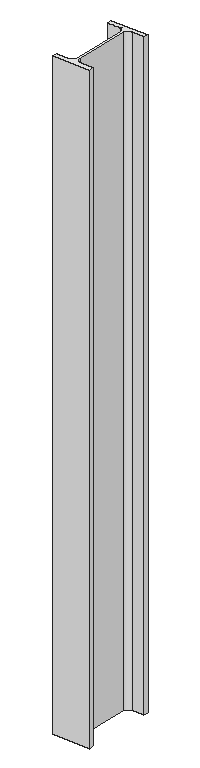
Revit family
Parameters (values of type "I300X65.5")
  기둥 재료 [instance] = 금속 - 스틸 - 345 MPa
  Assembly Code = ""
  A = 0.008 m²
  W = 0.64234
  bf = 150 mm
  d = 300 mm
  k = 38 mm
  kr = k - tf  # 19 mm
  tf = 19 mm
  tw = 10 mm
Reference planes
  plane 1: y = 0
  plane 2: z = 0
  plane 3: x = 0
  plane 4: x = -75
  plane 5: x = 75
  plane 6: y = 150
  plane 7: y = -150
  plane 8: x = -3.969
  plane 9: x = 3.969
Forms (mm)
  Extrusion 1, solid, material "금속 - 스틸 - 345 MPa" <- "기둥 재료", detail levels medium
    sketch origin (0, 0, 0) x (1, 0, 0) y (0, 1, 0)
      loop
        line (-75, 150) -> (-75, 131) -> (-5, 131) -> (-5, -131) -> (-75, -131) -> (-75, -150) -> (75, -150) -> (75, -131) -> (5, -131) -> (5, 131) -> (75, 131) -> (75, 150) -> (-75, 150)
    from 0 to 2500
  Extrusion 2, solid, material "금속 - 스틸 - 345 MPa" <- "기둥 재료", detail levels fine
    sketch origin (0, 0, 0) x (1, 0, 0) y (0, 1, 0)
      loop
        line (-75, 150) -> (-75, 131) -> (-24, 131)
        arc (-24, 131) -> (-10.565, 125.435) -> (-5, 112) r 19
        line (-5, 112) -> (-5, -112)
        arc (-5, -112) -> (-10.565, -125.435) -> (-24, -131) r 19
        line (-24, -131) -> (-75, -131) -> (-75, -150) -> (75, -150) -> (75, -131) -> (24, -131)
        arc (24, -131) -> (10.565, -125.435) -> (5, -112) r 19
        line (5, -112) -> (5, 112)
        arc (5, 112) -> (10.565, 125.435) -> (24, 131) r 19
        line (24, 131) -> (75, 131) -> (75, 150) -> (-75, 150)
    from 0 to 2500
Lines and regions (mm)
  symbolic lines, style "StructuralColumnStickSymbols", detail levels coarse
    curve 1: line (-75, 150, 0) -> (75, 150, 0)
    curve 2: line (-75, -150, 0) -> (75, -150, 0)
    curve 3: line (0, 150, 0) -> (0, -150, 0)
  symbolic lines, style "숨겨진 면", detail levels medium+fine
    curve 4: line (-3.969, 0, 0) -> (-3.969, 0, 2500)
    curve 5: line (3.969, 0, 2500) -> (3.969, 0, 0)
Dimensions and locks
  equal spacing: plane 4, plane 3, plane 5
  equal spacing: plane 7, plane 1, plane 6
  "d": plane 7 to plane 6
  "bf": plane 4 to plane 5
  "tf": plane 7 to Extrusion 1 sketch curve
  "tf": Extrusion 1 sketch curve to plane 6
  equal spacing: Extrusion 1 sketch curve, plane 3, Extrusion 1 sketch curve
  "tw": Extrusion 1 sketch curve to Extrusion 1 sketch curve
  "kr": radius of Extrusion 2 sketch curve  (x4)
  aligned and locked: plane 6 to Extrusion 1 sketch curve
  aligned and locked: Extrusion 1 sketch curve to plane 7
  aligned and locked: Extrusion 1 sketch curve to plane 4  (x2)
  aligned and locked: plane 5 to Extrusion 1 sketch curve  (x2)
  aligned and locked: Extrusion 1 sketch curve to Extrusion 1 sketch curve  (x2)
  aligned and locked: level to Extrusion 1
  aligned and locked: level to plane 2
  aligned and locked: Extrusion 1 to plane 2
  aligned and locked: plane 6 to Extrusion 2 sketch curve
  aligned and locked: plane 5 to Extrusion 2 sketch curve  (x2)
  aligned and locked: Extrusion 2 sketch curve to plane 4  (x2)
  aligned and locked: Extrusion 2 sketch curve to Extrusion 1  (x6)
  aligned and locked: Extrusion 2 sketch curve to plane 7
  aligned and locked: level to Extrusion 2
  aligned and locked: Extrusion 2 to level
Automatic sketch dimensions
  curve 2 to plane 4 = 0 mm
  curve 1 to plane 4 = 0 mm
  curve 3 to plane 3 = 0 mm
  curve 2 to plane 5 = 0 mm
  curve 1 to plane 5 = 0 mm
  curve 3 to plane 7 = 0 mm
  curve 3 to plane 6 = 0 mm
  curve 4 to level = 0 mm  (x2)
  curve 4 to plane 8 = 0 mm
  curve 5 to level = 0 mm  (x2)
  curve 5 to plane 9 = 0 mm
